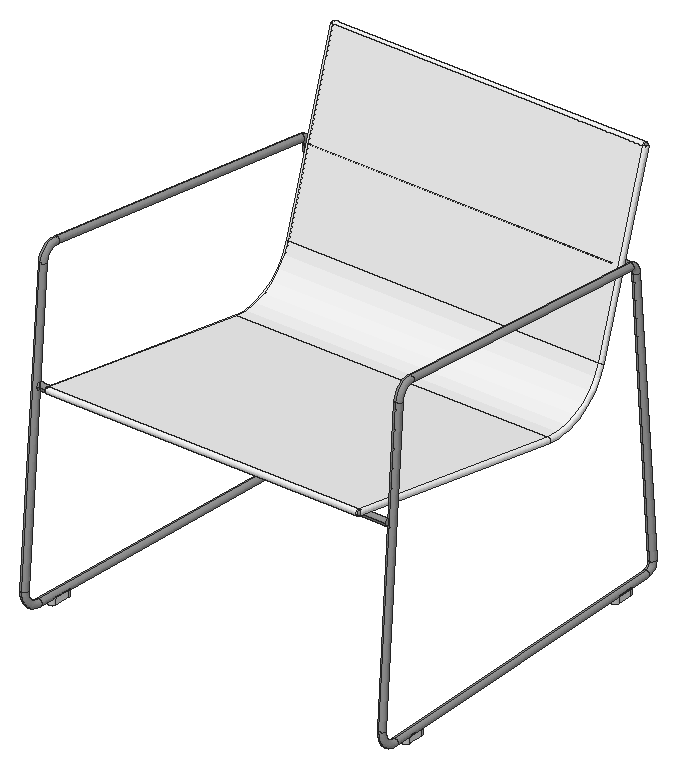
Revit family "Andreu World_Trenza_BU-0703", category Mobiliario, Revit 2014
Parameters (values of type "BU-0703")
  Upholstery = Outdoor Sand Woven Band
  Width = 670 mm
  URL = "http://www.andreuworld.com/"
  Seat Height = 395 mm
  Reference = "BU-0703"  # constant formula
  Modelo = "Trenza"
  Structure Finish = Andreu World Aluminum  Earth Brown
  Height = 710 mm
  Glides = Andreu World Plastic Glides
  Fabricante = "Andreu World"
  Descripción = "Lounge chair with arms and steel frame."
  Depth = 670 mm
Reference planes
  plane 1 "Centro (Frontal/Posterior)": y = 0
  plane 2: z = 0
  plane 3 "Centro (Izquierda/Derecha)": x = 0
  plane 4 "Left": x = -335
  plane 5 "Right": x = 335
  plane 6 "Back": y = 335
  plane 7 "Front": y = -335
  plane 8 "Seat Height": z = 395
  plane 9 "Arms Height": z = 590
  plane 10 "Height": z = 710
  plane 11 "incl 01": through (-299.67, 335, 1200) normal (0.9991, -0.0429, 0)
  plane 12: through (299.67, 335, 1200) normal (0.9991, 0.0429, 0)
Forms (mm)
  Sweep 1, solid, material "Andreu World Aluminum  Earth Brown" <- "Structure Finish", detail levels medium+fine
    path origin (-313.466, 13.449, 0) x (0.042865, 0.999081, 0) y (0, 0, 1)
      loop
        arc (-274.241, 593.252) -> (-293.651, 587.413) -> (-302.97, 569.413) r 26
        line (-302.97, 569.413) -> (-343.541, 45.877)
        arc (-343.541, 45.877) -> (-335.385, 22.426) -> (-312.634, 12.482) r 31
        line (-312.634, 12.482) -> (297.329, 12.482)
        arc (297.329, 12.482) -> (309.09, 17.634) -> (313.277, 29.773) r 16
        line (313.277, 29.773) -> (273.555, 520.689)
        arc (273.555, 520.689) -> (269.075, 530.556) -> (259.335, 535.305) r 16
        line (259.335, 535.305) -> (-274.241, 593.252)
    profile origin (-313.786, 6.003, 564.279) x (0.004628, 0.107867, 0.994155) y (0.999081, -0.042865, 0)
      loop
        circle (0, 0) r 6
  Extrusion 2, solid, material "Andreu World Plastic Glides" <- "Glides", detail levels medium+fine
    sketch origin (0.543, -3.706, 0) x (1, 0, 0) y (0, 1, 0)
      loop
        arc (-311.28, 241.421) -> (-304.155, 234.296) -> (-297.029, 241.421) r 7.126
        line (-297.029, 241.421) -> (-295.831, 269.349)
        arc (-295.831, 269.349) -> (-302.956, 276.475) -> (-310.082, 269.349) r 7.126
        line (-310.082, 269.349) -> (-311.28, 241.421)
    from 0 to 11.932
  Extrusion 3, solid, material "Andreu World Plastic Glides" <- "Glides", detail levels medium+fine
    sketch origin (-21.097, -511.205, 0) x (1, 0, 0) y (0, 1, 0)
      loop
        arc (-311.28, 241.421) -> (-304.155, 234.296) -> (-297.029, 241.421) r 7.126
        line (-297.029, 241.421) -> (-295.831, 269.349)
        arc (-295.831, 269.349) -> (-302.956, 276.475) -> (-310.082, 269.349) r 7.126
        line (-310.082, 269.349) -> (-311.28, 241.421)
    from 0 to 11.932
  Extrusion 4, solid, material "Andreu World Aluminum  Earth Brown" <- "Structure Finish", detail levels medium+fine
    sketch origin (0, -1.086, -14.029) x (0, 1, 0) y (0, 0, 1)
      loop
        circle (-303.554, 388.557) r 6
    from -320 to 320
  Extrusion 5, solid, material "Andreu World Aluminum  Earth Brown" <- "Structure Finish", detail levels medium+fine
    sketch origin (0, 0, 0) x (0, 1, 0) y (0, 0, 1)
      loop
        circle (283.351, 529.111) r 6
    from -295 to 295
  Extrusion 6, solid, material "Outdoor Sand Woven Band" <- "Upholstery", detail levels medium+fine
    sketch origin (0, 0, 0) x (0, 1, 0) y (0, 0, 1)
      loop
        line (323.734, 706.104) -> (222.201, 393.616)
        arc (222.201, 393.616) -> (176.841, 336.315) -> (105.079, 322.491) r 105
        line (105.079, 322.491) -> (-328.489, 394.748)
        arc (-328.489, 394.748) -> (-334.243, 390.638) -> (-330.133, 384.884) r 5
        line (-330.133, 384.884) -> (103.435, 312.627)
        arc (103.435, 312.627) -> (182.031, 327.767) -> (231.711, 390.526) r 115
        line (231.711, 390.526) -> (333.245, 703.014)
        arc (333.245, 703.014) -> (330.035, 709.315) -> (323.734, 706.104) r 5
    from -285 to 285
  Sweep 7, solid, material "Outdoor Sand Woven Band" <- "Upholstery", detail levels medium+fine
    path origin (-285, 0, 0) x (0, 1, 0) y (0, 0, 1)
      loop
        line (323.734, 706.104) -> (222.201, 393.616)
        arc (222.201, 393.616) -> (176.841, 336.315) -> (105.079, 322.491) r 105
        line (105.079, 322.491) -> (-328.489, 394.748)
    profile origin (-285, 272.967, 549.86) x (0, 0.951057, -0.309017) y (1, 0, 0)
      loop
        arc (0, 0) -> (5, -5) -> (10, 0) r 5
        line (10, 0) -> (0, 0)
  Sweep 8, solid, material "Outdoor Sand Woven Band" <- "Upholstery", detail levels medium+fine
    path origin (285, 0, 0) x (0, 1, 0) y (0, 0, 1)
      loop
        line (323.734, 706.104) -> (222.201, 393.616)
        arc (222.201, 393.616) -> (176.841, 336.315) -> (105.079, 322.491) r 105
        line (105.079, 322.491) -> (-328.489, 394.748)
    profile origin (285, 272.967, 549.86) x (0, 0.951057, -0.309017) y (1, 0, 0)
      loop
        line (0, 0) -> (10, 0)
        arc (10, 0) -> (5, 5) -> (0, 0) r 5
  Revolve 9, solid, material "Andreu World Aluminum  Earth Brown" <- "Structure Finish", detail levels medium+fine
    sketch origin (-285, 323.734, 706.104) x (0, -0.951057, 0.309017) y (1, 0, 0)
      loop
        arc (-9, 0) -> (-5, -4) -> (-1, 0) r 4
        line (-1, 0) -> (-9, 0)
      axis (-9, 0) -> (-1, 0)
    angle from 0 to -90
  Revolve 10, solid, material "Andreu World Aluminum  Earth Brown" <- "Structure Finish", detail levels medium+fine
    sketch origin (285, 323.734, 706.104) x (0, -0.951057, 0.309017) y (1, 0, 0)
      loop
        arc (-1, 0) -> (-5, 4) -> (-9, 0) r 4
        line (-9, 0) -> (-1, 0)
      axis (-1, 0) -> (-9, 0)
    angle from 0 to -90
  Revolve 11, solid, material "Andreu World Aluminum  Earth Brown" <- "Structure Finish", detail levels medium+fine
    sketch origin (285, -328.489, 394.748) x (1, 0, 0) y (0, 0.16439, 0.986395)
      loop
        line (0, -1) -> (0, -9)
        arc (0, -9) -> (4, -5) -> (0, -1) r 4
      axis (0, -9) -> (0, -1)
    angle from 0 to -90
  Revolve 12, solid, material "Andreu World Aluminum  Earth Brown" <- "Structure Finish", detail levels medium+fine
    sketch origin (-285, -328.489, 394.748) x (1, 0, 0) y (0, 0.16439, 0.986395)
      loop
        line (0, -9) -> (0, -1)
        arc (0, -1) -> (-4, -5) -> (0, -9) r 4
      axis (0, -1) -> (0, -9)
    angle from 0 to -90
  Sweep 13, solid, material "Andreu World Aluminum  Earth Brown" <- "Structure Finish", detail levels medium+fine
    path origin (313.466, 13.449, 0) x (-0.042865, 0.999081, 0) y (0, 0, -1)
      loop
        line (-274.241, -593.252) -> (259.335, -535.305)
        arc (259.335, -535.305) -> (269.075, -530.556) -> (273.555, -520.689) r 16
        line (273.555, -520.689) -> (313.277, -29.773)
        arc (313.277, -29.773) -> (309.09, -17.634) -> (297.329, -12.482) r 16
        line (297.329, -12.482) -> (-312.634, -12.482)
        arc (-312.634, -12.482) -> (-335.385, -22.426) -> (-343.541, -45.877) r 31
        line (-343.541, -45.877) -> (-302.97, -569.413)
        arc (-302.97, -569.413) -> (-293.651, -587.413) -> (-274.241, -593.252) r 26
    profile origin (313.786, 6.003, 564.279) x (0.004628, -0.107867, -0.994155) y (-0.999081, -0.042865, 0)
      loop
        circle (0, 0) r 6
  Extrusion 14, solid, material "Andreu World Plastic Glides" <- "Glides", detail levels medium+fine
    sketch origin (-0.543, -3.706, 0) x (-1, 0, 0) y (0, -1, 0)
      loop
        line (-311.28, -241.421) -> (-310.082, -269.349)
        arc (-310.082, -269.349) -> (-302.956, -276.475) -> (-295.831, -269.349) r 7.126
        line (-295.831, -269.349) -> (-297.029, -241.421)
        arc (-297.029, -241.421) -> (-304.155, -234.296) -> (-311.28, -241.421) r 7.126
    from 0 to 11.932
  Extrusion 15, solid, material "Andreu World Plastic Glides" <- "Glides", detail levels medium+fine
    sketch origin (21.097, -511.205, 0) x (-1, 0, 0) y (0, -1, 0)
      loop
        line (-311.28, -241.421) -> (-310.082, -269.349)
        arc (-310.082, -269.349) -> (-302.956, -276.475) -> (-295.831, -269.349) r 7.126
        line (-295.831, -269.349) -> (-297.029, -241.421)
        arc (-297.029, -241.421) -> (-304.155, -234.296) -> (-311.28, -241.421) r 7.126
    from 0 to 11.932
Cuts and joins
  joined: Extrusion 6, Sweep 7, Sweep 8
Lines and regions (mm)
  model lines, detail levels coarse+medium
    curve 1: line (-331.18, -241.856, 0) -> (-332.378, -269.784, 0)
    curve 2: arc (-332.378, -269.784, 0) -> (-325.252, -276.909, 0) -> (-318.127, -269.784, 0) r 7.126
    curve 3: line (-318.127, -269.784, 0) -> (-316.928, -241.856, 0)
    curve 4: arc (-316.928, -241.856, 0) -> (-324.054, -234.73, 0) -> (-331.18, -241.856, 0) r 7.126
    curve 5: line (-309.539, 265.643, 0) -> (-310.737, 237.716, 0)
    curve 6: arc (-310.737, 237.716, 0) -> (-303.612, 230.59, 0) -> (-296.486, 237.716, 0) r 7.126
    curve 7: line (-296.486, 237.716, 0) -> (-295.288, 265.643, 0)
    curve 8: arc (-295.288, 265.643, 0) -> (-302.414, 272.769, 0) -> (-309.539, 265.643, 0) r 7.126
    curve 9: line (-310.01, -323.443, 0) -> (-282.548, 332.942, 0)
    curve 10: line (-331.683, -292.553, 0) -> (-305.513, 332.942, 0)
    curve 11: line (-1.349, 332.942, 0) -> (-1.349, -323.443, 0)
    curve 12: line (-319.67, -292.497, 0) -> (-293.524, 332.44, 0)
    curve 13: line (-310.01, -323.443, 0) -> (307.313, -323.443, 0)
    curve 14: line (-305.513, 332.942, 0) -> (302.816, 332.942, 0)
    curve 15: line (-286.581, 236.545, 0) -> (283.884, 236.545, 0)
    curve 16: line (-319.67, -292.497, 0) -> (-308.715, -292.497, 0)
    curve 17: line (-309.153, -302.971, 0) -> (-321.692, -302.971, 0)
    curve 18: arc (-331.683, -292.553, 0) -> (-328.909, -299.893, 0) -> (-321.692, -302.971, 0) r 10
    curve 19: line (328.482, -241.856, 0) -> (329.681, -269.784, 0)
    curve 20: arc (329.681, -269.784, 0) -> (322.555, -276.909, 0) -> (315.429, -269.784, 0) r 7.126
    curve 21: line (315.429, -269.784, 0) -> (314.231, -241.856, 0)
    curve 22: arc (314.231, -241.856, 0) -> (321.357, -234.73, 0) -> (328.482, -241.856, 0) r 7.126
    curve 23: line (306.842, 265.643, 0) -> (308.04, 237.716, 0)
    curve 24: arc (308.04, 237.716, 0) -> (300.915, 230.59, 0) -> (293.789, 237.716, 0) r 7.126
    curve 25: line (293.789, 237.716, 0) -> (292.591, 265.643, 0)
    curve 26: arc (292.591, 265.643, 0) -> (299.716, 272.769, 0) -> (306.842, 265.643, 0) r 7.126
    curve 27: line (307.313, -323.443, 0) -> (279.85, 332.942, 0)
    curve 28: line (328.986, -292.553, 0) -> (302.816, 332.942, 0)
    curve 29: line (316.973, -292.497, 0) -> (290.827, 332.44, 0)
    curve 30: line (316.973, -292.497, 0) -> (306.018, -292.497, 0)
    curve 31: line (306.456, -302.971, 0) -> (318.995, -302.971, 0)
    curve 32: arc (328.986, -292.553, 0) -> (326.212, -299.893, 0) -> (318.995, -302.971, 0) r 10
    curve 33: line (-31.349, 332.942, 0) -> (-31.349, -323.443, 0)
    curve 34: line (-61.349, 332.942, 0) -> (-61.349, -323.443, 0)
    curve 35: line (-91.349, 332.942, 0) -> (-91.349, -323.443, 0)
    curve 36: line (-121.349, 332.942, 0) -> (-121.349, -323.443, 0)
    curve 37: line (-151.349, 332.942, 0) -> (-151.349, -323.443, 0)
    curve 38: line (-181.349, 332.942, 0) -> (-181.349, -323.443, 0)
    curve 39: line (-211.349, 332.942, 0) -> (-211.349, -323.443, 0)
    curve 40: line (-241.349, 332.942, 0) -> (-241.349, -323.443, 0)
    curve 41: line (-271.349, 332.942, 0) -> (-271.349, -323.443, 0)
    curve 42: line (-301.349, -123.455, 0) -> (-301.349, -323.443, 0)
    curve 43: line (28.651, 332.942, 0) -> (28.651, -323.443, 0)
    curve 44: line (58.651, 332.942, 0) -> (58.651, -323.443, 0)
    curve 45: line (88.651, 332.942, 0) -> (88.651, -323.443, 0)
    curve 46: line (118.651, 332.942, 0) -> (118.651, -323.443, 0)
    curve 47: line (148.651, 332.942, 0) -> (148.651, -323.443, 0)
    curve 48: line (178.651, 332.942, 0) -> (178.651, -323.443, 0)
    curve 49: line (208.651, 332.942, 0) -> (208.651, -323.443, 0)
    curve 50: line (238.651, 332.942, 0) -> (238.651, -323.443, 0)
    curve 51: line (268.651, 332.942, 0) -> (268.651, -323.443, 0)
    curve 52: line (298.651, -116.427, 0) -> (298.651, -323.443, 0)
    curve 53: line (-285.325, 266.545, 0) -> (282.628, 266.545, 0)
    curve 54: line (-284.07, 296.545, 0) -> (281.373, 296.545, 0)
    curve 55: line (-282.815, 326.545, 0) -> (280.118, 326.545, 0)
    curve 56: line (-287.836, 206.545, 0) -> (285.139, 206.545, 0)
    curve 57: line (-289.091, 176.545, 0) -> (286.394, 176.545, 0)
    curve 58: line (-290.346, 146.545, 0) -> (287.649, 146.545, 0)
    curve 59: line (-291.601, 116.545, 0) -> (288.904, 116.545, 0)
    curve 60: line (-292.856, 86.545, 0) -> (290.159, 86.545, 0)
    curve 61: line (-294.112, 56.545, 0) -> (291.415, 56.545, 0)
    curve 62: line (-295.367, 26.545, 0) -> (292.67, 26.545, 0)
    curve 63: line (-296.622, -3.455, 0) -> (293.925, -3.455, 0)
    curve 64: line (-297.877, -33.455, 0) -> (295.18, -33.455, 0)
    curve 65: line (-299.132, -63.455, 0) -> (296.435, -63.455, 0)
    curve 66: line (-300.387, -93.455, 0) -> (297.69, -93.455, 0)
    curve 67: line (-301.349, -123.455, 0) -> (298.945, -123.455, 0)
    curve 68: line (-302.898, -153.455, 0) -> (300.201, -153.455, 0)
    curve 69: line (-304.153, -183.455, 0) -> (301.456, -183.455, 0)
    curve 70: line (-305.408, -213.455, 0) -> (302.711, -213.455, 0)
    curve 71: line (-306.663, -243.455, 0) -> (303.966, -243.455, 0)
    curve 72: line (-307.918, -273.455, 0) -> (305.221, -273.455, 0)
    curve 73: line (-311.713, -303.455, 0) -> (306.476, -303.455, 0)
    curve 74: line (-293.942, 322.449, 0) -> (-282.987, 322.449, 0)
    curve 75: line (-284.07, 311.545, 0) -> (281.373, 311.545, 0)
    curve 76: line (-285.325, 281.545, 0) -> (282.628, 281.545, 0)
    curve 77: line (-286.581, 251.545, 0) -> (283.884, 251.545, 0)
    curve 78: line (-287.836, 221.545, 0) -> (285.139, 221.545, 0)
Dimensions and locks
  "Width": plane 4 "Left" to plane 5 "Right"
  equal spacing: plane 4 "Left", plane 3 "Centro (Izquierda/Derecha)", plane 5 "Right"
  "Depth": plane 6 "Back" to plane 7 "Front"
  equal spacing: plane 6 "Back", plane 1 "Centro (Frontal/Posterior)", plane 7 "Front"
  "Seat Height": plane 8 "Seat Height" to level
  plane 9 "Arms Height" to level = 590 mm
  "Height": plane 10 "Height" to level
  aligned and locked: level to plane 2
  aligned and locked: Sweep 7 sketch curve to Extrusion 6  (x3)
  aligned and locked: Sweep 8 sketch curve to cut or joined group of Extrusion 6, Sweep 7, Sweep 8  (x2)
  aligned and locked: curve 1 to Extrusion 3
  aligned and locked: curve 2 to Extrusion 3
  aligned and locked: curve 3 to Extrusion 3
  aligned and locked: curve 4 to Extrusion 3
  aligned and locked: curve 5 to Extrusion 2
  aligned and locked: curve 6 to Extrusion 2
  aligned and locked: curve 7 to Extrusion 2
  aligned and locked: curve 8 to Extrusion 2
Automatic sketch dimensions
  level to Sweep 1 sketch curve = 45.877 mm
  level to Sweep 1 sketch curve = 12.482 mm
  Sweep 1 sketch curve to plane 9 "Arms Height" = 20.587 mm
  plane 9 "Arms Height" to Sweep 1 sketch curve = 3.252 mm
  Sweep 1 sketch curve to plane 9 "Arms Height" = 54.695 mm
  Sweep 1 sketch curve to plane 9 "Arms Height" = 69.311 mm
  level to Sweep 1 sketch curve = 29.773 mm
  Sweep 1 sketch curve to Sweep 1 sketch curve = 30.907 mm
  Sweep 1 sketch curve to Sweep 1 sketch curve = 40.571 mm
  Sweep 1 sketch curve to Sweep 1 sketch curve = 28.729 mm
  Sweep 1 sketch curve to Sweep 1 sketch curve = 533.575 mm
  Sweep 1 sketch curve to Sweep 1 sketch curve = 14.22 mm
  Sweep 1 sketch curve to Sweep 1 sketch curve = 23.774 mm
  Sweep 1 sketch curve to Sweep 1 sketch curve = 15.948 mm  (x2)
  Sweep 1 sketch curve to plane 9 "Arms Height" = 22.596 mm
  Sweep 1 sketch curve to plane 11 "incl 01" = 0 mm
  Sweep 1 sketch curve to profile plane = 0 mm
  Extrusion 2 sketch curve to plane 11 "incl 01" = 6.887 mm
  plane 4 "Left" to Extrusion 2 sketch curve = 24.263 mm
  plane 11 "incl 01" to Extrusion 2 sketch curve = 7.351 mm
  plane 4 "Left" to Extrusion 2 sketch curve = 39.712 mm
  Extrusion 2 sketch curve to Extrusion 2 sketch curve = 14.251 mm  (x2)
  plane 4 "Left" to Extrusion 3 sketch curve = 2.622 mm
  plane 11 "incl 01" to Extrusion 3 sketch curve = 7.485 mm
  plane 4 "Left" to Extrusion 3 sketch curve = 16.873 mm
  plane 4 "Left" to Extrusion 3 sketch curve = 3.82 mm
  Extrusion 3 sketch curve to Extrusion 3 sketch curve = 14.251 mm
  Extrusion 3 sketch curve to Extrusion 3 sketch curve = 27.928 mm
  plane 7 "Front" to Extrusion 4 sketch curve = 30.36 mm
  Extrusion 4 sketch curve to plane 8 "Seat Height" = 20.472 mm
  Extrusion 5 sketch curve to plane 6 "Back" = 51.649 mm
  Extrusion 5 sketch curve to plane 9 "Arms Height" = 60.889 mm
  Extrusion 6 sketch curve to Extrusion 6 sketch curve = 0 mm  (x2)
  plane 7 "Front" to Extrusion 6 sketch curve = 4.867 mm
  Extrusion 6 sketch curve to plane 8 "Seat Height" = 82.373 mm
  Extrusion 6 sketch curve to plane 8 "Seat Height" = 0.252 mm
  plane 7 "Front" to Extrusion 6 sketch curve = 6.511 mm
  Extrusion 6 sketch curve to plane 1 "Centro (Frontal/Posterior)" = 103.435 mm
  Extrusion 6 sketch curve to Extrusion 6 sketch curve = 1.644 mm
  Extrusion 6 sketch curve to plane 8 "Seat Height" = 1.384 mm
  Extrusion 6 sketch curve to plane 6 "Back" = 112.799 mm
  Extrusion 6 sketch curve to plane 8 "Seat Height" = 4.474 mm
  Extrusion 6 sketch curve to Extrusion 6 sketch curve = 9.511 mm
  Extrusion 6 sketch curve to plane 10 "Height" = 3.896 mm
  Extrusion 6 sketch curve to plane 6 "Back" = 11.266 mm
  Extrusion 6 sketch curve to plane 6 "Back" = 1.755 mm
  Extrusion 6 sketch curve to Extrusion 6 sketch curve = 0.822 mm
  plane 8 "Seat Height" to Extrusion 6 sketch curve = 31.062 mm
  Extrusion 6 sketch curve to Extrusion 6 sketch curve = 4.755 mm
  Extrusion 6 sketch curve to Extrusion 6 sketch curve = 9.864 mm
  Extrusion 6 sketch curve to plane 10 "Height" = 6.986 mm
  Sweep 7 sketch curve to Extrusion 6 = 89.411 mm  (x2)
  Sweep 7 sketch curve to Sweep 7 sketch curve = 433.568 mm
  Sweep 7 sketch curve to Sweep 7 sketch curve = 101.534 mm
  Sweep 7 sketch curve to profile plane = 0 mm  (x2)
  Sweep 7 sketch curve to profile plane = 10 mm
  Extrusion 6 to Sweep 8 sketch curve = 89.411 mm  (x2)
  Sweep 8 sketch curve to Extrusion 6 = 0 mm
  Sweep 8 sketch curve to Sweep 8 sketch curve = 433.568 mm
  Sweep 8 sketch curve to Sweep 8 sketch curve = 101.534 mm
  Sweep 8 sketch curve to profile plane = 0 mm  (x2)
  Sweep 8 sketch curve to profile plane = 10 mm
  Revolve 9 sketch curve to Sweep 7 = 0 mm
  Revolve 9 sketch curve to Revolve 9 sketch curve = 1 mm
  Revolve 9 sketch curve to Revolve 9 sketch curve = 529.345 mm
  Revolve 10 sketch curve to Sweep 8 = 0 mm
  Revolve 10 sketch curve to Revolve 10 sketch curve = 1 mm
  Revolve 10 sketch curve to Revolve 10 sketch curve = 529.345 mm
  Revolve 11 sketch curve to Sweep 8 = 0 mm
  Revolve 11 sketch curve to Revolve 11 sketch curve = 1 mm
  Revolve 11 sketch curve to Revolve 11 sketch curve = 419.597 mm
  Revolve 12 sketch curve to Sweep 7 = 0 mm
  Revolve 12 sketch curve to Revolve 12 sketch curve = 1 mm
  Revolve 12 sketch curve to Revolve 12 sketch curve = 419.597 mm
  level to Sweep 13 sketch curve = 45.877 mm
  level to Sweep 13 sketch curve = 12.482 mm
  Sweep 13 sketch curve to plane 9 "Arms Height" = 20.587 mm
  plane 9 "Arms Height" to Sweep 13 sketch curve = 3.252 mm
  Sweep 13 sketch curve to plane 9 "Arms Height" = 54.695 mm
  Sweep 13 sketch curve to plane 9 "Arms Height" = 69.311 mm
  level to Sweep 13 sketch curve = 29.773 mm
  Sweep 13 sketch curve to Sweep 13 sketch curve = 30.907 mm
  Sweep 13 sketch curve to Sweep 13 sketch curve = 40.571 mm
  Sweep 13 sketch curve to Sweep 13 sketch curve = 28.729 mm
  Sweep 13 sketch curve to Sweep 13 sketch curve = 533.575 mm
  Sweep 13 sketch curve to Sweep 13 sketch curve = 14.22 mm
  Sweep 13 sketch curve to Sweep 13 sketch curve = 23.774 mm
  Sweep 13 sketch curve to Sweep 13 sketch curve = 15.948 mm  (x2)
  Sweep 13 sketch curve to plane 9 "Arms Height" = 22.596 mm
  profile plane to Sweep 13 sketch curve = 0 mm
  Sweep 13 sketch curve to profile plane = 0 mm
  plane 12 to Extrusion 14 sketch curve = 6.887 mm
  plane 5 "Right" to Extrusion 14 sketch curve = 24.263 mm
  Extrusion 14 sketch curve to plane 12 = 7.351 mm
  plane 5 "Right" to Extrusion 14 sketch curve = 39.712 mm
  Extrusion 14 sketch curve to Extrusion 14 sketch curve = 14.251 mm  (x2)
  plane 5 "Right" to Extrusion 15 sketch curve = 2.622 mm
  Extrusion 15 sketch curve to plane 12 = 7.485 mm
  plane 5 "Right" to Extrusion 15 sketch curve = 16.873 mm
  plane 5 "Right" to Extrusion 15 sketch curve = 3.82 mm
  Extrusion 15 sketch curve to Extrusion 15 sketch curve = 14.251 mm
  Extrusion 15 sketch curve to Extrusion 15 sketch curve = 27.928 mm
  plane 4 "Left" to curve 10 = 3.317 mm
  plane 7 "Front" to curve 13 = 11.557 mm
  plane 4 "Left" to curve 17 = 13.308 mm
  curve 18 to curve 16 = 2.022 mm
  curve 17 to curve 9 = 11.682 mm
  curve 14 to plane 6 "Back" = 2.058 mm
  plane 4 "Left" to curve 14 = 29.487 mm
  plane 4 "Left" to curve 67 = 33.651 mm
  curve 25 to plane 5 "Right" = 42.409 mm
  curve 26 to curve 25 = 1.198 mm
  curve 28 to plane 5 "Right" = 32.184 mm
  curve 26 to curve 23 = 14.251 mm
  curve 13 to plane 5 "Right" = 27.687 mm
  curve 24 to curve 23 = 14.251 mm
  curve 21 to plane 5 "Right" = 20.769 mm
  curve 21 to plane 5 "Right" = 19.571 mm
  curve 29 to plane 5 "Right" = 18.027 mm
  curve 29 to curve 31 = 2.022 mm
  curve 19 to plane 5 "Right" = 6.518 mm
  curve 28 to plane 5 "Right" = 6.014 mm
  curve 19 to plane 5 "Right" = 5.319 mm
  curve 17 to curve 73 = 9.978 mm
  curve 73 to curve 17 = 2.56 mm
  curve 17 to curve 16 = 0.438 mm
  curve 2 to curve 72 = 10.208 mm
  curve 3 to curve 71 = 10.265 mm
  plane 4 "Left" to curve 70 = 29.592 mm
  curve 70 to curve 69 = 1.255 mm
  curve 69 to curve 68 = 1.255 mm
  curve 42 to curve 66 = 0.961 mm
  curve 66 to curve 65 = 1.255 mm
  curve 65 to curve 64 = 1.255 mm
  plane 1 "Centro (Frontal/Posterior)" to curve 63 = 3.455 mm
  curve 64 to curve 63 = 1.255 mm
  curve 62 to plane 1 "Centro (Frontal/Posterior)" = 26.545 mm
  curve 62 to curve 61 = 1.255 mm
  curve 74 to curve 9 = 11.394 mm
  curve 12 to plane 6 "Back" = 2.56 mm
  curve 74 to curve 12 = 0.418 mm
  curve 61 to curve 60 = 1.255 mm
  curve 60 to curve 59 = 1.255 mm
  curve 59 to curve 58 = 1.255 mm
  curve 58 to curve 57 = 1.255 mm
  curve 57 to curve 56 = 1.255 mm
  curve 78 to curve 56 = 0 mm  (x2)
  curve 6 to curve 15 = 9.906 mm
  curve 77 to curve 15 = 0 mm  (x2)
  curve 7 to curve 76 = 9.962 mm
  curve 7 to curve 53 = 9.962 mm
  curve 76 to curve 54 = 1.255 mm
  curve 75 to curve 74 = 1.084 mm
  curve 74 to curve 55 = 0.171 mm
  curve 42 to curve 41 = 30 mm
  curve 41 to curve 40 = 30 mm
  curve 40 to curve 39 = 30 mm
  curve 39 to curve 38 = 30 mm
  curve 38 to curve 37 = 30 mm
  curve 37 to curve 36 = 30 mm
  curve 36 to curve 35 = 30 mm
  curve 35 to curve 34 = 30 mm
  curve 34 to curve 33 = 30 mm
  curve 11 to plane 3 "Centro (Izquierda/Derecha)" = 1.349 mm
  plane 3 "Centro (Izquierda/Derecha)" to curve 43 = 28.651 mm
  curve 43 to curve 44 = 30 mm
  curve 44 to curve 45 = 30 mm
  curve 45 to curve 46 = 30 mm
  curve 46 to curve 47 = 30 mm
  curve 47 to curve 48 = 30 mm
  curve 48 to curve 49 = 30 mm
  curve 49 to curve 50 = 30 mm
  curve 50 to curve 51 = 30 mm
  curve 51 to curve 27 = 11.199 mm
  curve 75 to curve 54 = 0 mm
  curve 76 to curve 53 = 0 mm
  curve 29 to plane 6 "Back" = 2.56 mm
  curve 27 to curve 29 = 10.976 mm
  curve 52 to curve 13 = 8.661 mm
  curve 52 to curve 67 = 0.294 mm
  curve 30 to curve 29 = 10.955 mm
  curve 30 to curve 31 = 0.438 mm
  curve 31 to curve 73 = 0.02 mm
  curve 28 to curve 29 = 0.056 mm
  curve 10 to curve 12 = 0.056 mm
  curve 72 to curve 21 = 3.671 mm
  curve 71 to curve 19 = 1.599 mm
  curve 15 to curve 25 = 1.17 mm
  curve 25 to curve 53 = 0.902 mm
  curve 56 to curve 78 = 15 mm
  curve 15 to curve 77 = 15 mm
  curve 53 to curve 76 = 15 mm
  curve 54 to curve 75 = 15 mm
  radius of Sweep 1 sketch curve = 6 mm
  radius of Extrusion 4 sketch curve = 6 mm
  radius of Extrusion 5 sketch curve = 6 mm
  radius of Revolve 9 sketch curve to Sweep 7 = 1 mm
  radius of Revolve 10 sketch curve to Sweep 8 = 1 mm
  radius of Revolve 11 sketch curve to Sweep 8 = 1 mm
  radius of Revolve 12 sketch curve to Sweep 7 = 1 mm
  radius of Sweep 13 sketch curve = 6 mm
